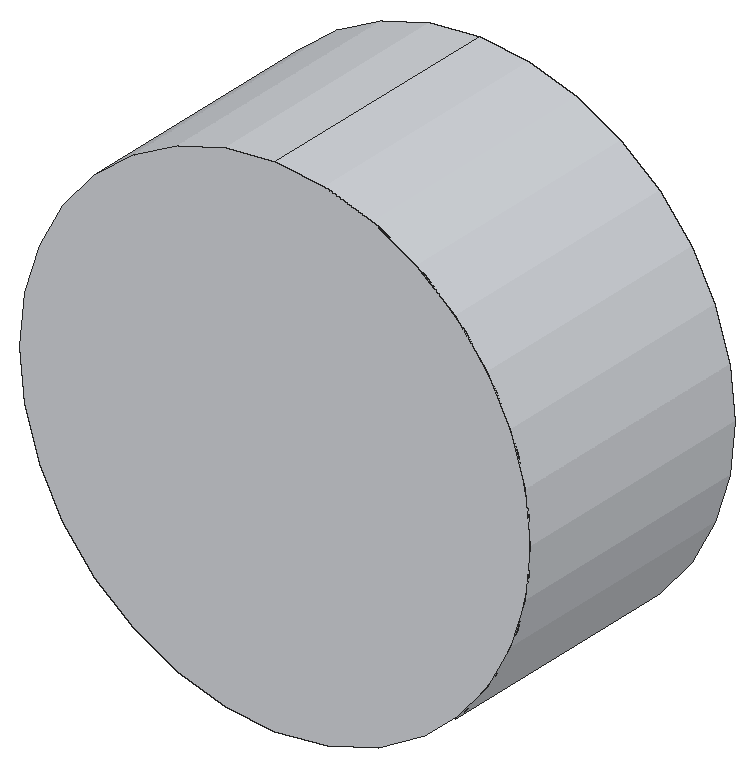
Revit family "UF-060-312_CE20IM64", category Equipement spécialisé, Revit 2021
Family settings
  Cote de connecteur circulaire = Utiliser le diamètre
  Type d'élément = Normal
  Numéro OmniClass = 23.85.50.31.11
  Titre OmniClass = Door Entry Telephones
  Basée sur le plan de construction = Non
  Toujours verticalement = Oui
  Couper avec des vides une fois chargée = Non
  Partagée = Non
  Point de calcul de pièce = Non
Parameters (values of type "CLAVIER CODE")
  URL = "https://www.urmet.fr/clavier+code+avec+percage+vigik+et+emplacement+libre+ce20im64-7796"
  Modèle = "CE20IM64"
  Fabricant = "URMET"
  Elévation par défaut = 0 mm
  Description = "Clavier codé avec perçage Vigik et emplacement libre"
Reference planes
  plane 1 "Centre (avant/arrière)": y = 0
  plane 2: z = 0
  plane 3 "Centre (gauche/droite)": x = 0
Forms (mm)
  Extrusion 1, solid
    sketch origin (0, 0, 0) x (0, 0, 1) y (1, 0, 0)
      loop
        circle (0, 0) r 3.048
    from 0 to -3.048
Dimensions and locks
  aligned and locked: level to plane 2
Connectors
  electrical at (0, 0, 0)
    settings: on Extrusion 1, index 1, voltage 0 V, apparent load 0 VA, apparent load phase1 0 VA, apparent load phase2 0 VA, apparent load phase3 0 VA, power factor 1, load classification "Autre", number of poles 1, system type 12, power factor state 1, is connector primary yes, connector utility no, sub classification motor no, connector description ""
